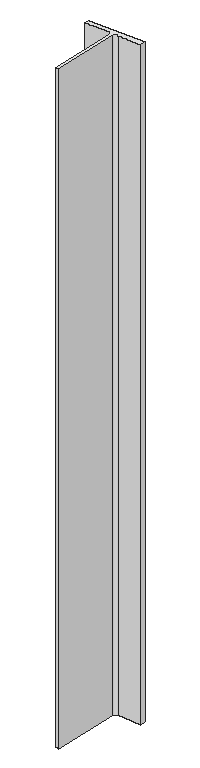
Revit family "M_WT Formas-Coluna", category Pilares estruturais, Revit 2019
Family settings
  Forma do corte = Flange paralelo dividido em I
  Material para o comportamento do modelo = Aço
  Exportar sempre como geometria = Não
  Redução da viga na planta = Da caixa de vinculação
  Family Name Key = M_WT Shapes-Column
  Nome do código = AISC 14.1
  Número OmniClass = 23.25.30.11.14.11
  Título OmniClass = Columns
  ID de item do Seek = WT-Shapes-Column-0000-CAN-ENU
  Corte com vazios quando carregada = Não
  Representação simbólica = Das configurações de projeto
  Compartilhado = Não
  Exibir o pré-corte da família na vista da planta = Sim
Parameters (values of type "WT305X62.5")
  Largura = 229.00 mm
  Espessura da teia = 11.90 mm
  Concordância da teia = 12.70 mm
  Constante da empena = 1850000000.0 mm6
  Momento de inércia de torção = 766000.00 mm4
  Structural Material [instance] = Aço, 45-345
  Section Name Key = ""
  Área de corte = 8000.0 mm²
  Eixo fraco do módulo plástico = 267000.0 mm³
  Eixo forte do módulo plástico = 533000.0 mm³
  Peso nominal = 62.50 kgf/m
  Eixo fraco do momento de inércia = 19600000.00 mm4
  Eixo forte do momento de inércia = 69100000.00 mm4
  Altura = 307.00 mm
  Espessura do flange = 19.60 mm
  Eixo fraco do módulo de elasticidade = 172000.0 mm³
  Eixo forte do módulo de elasticidade = 300000.0 mm³
  Centróide vertical = 231.60 mm
  Centróide horizontal = Largura / 2  # 114.50 mm
  Espaçamento do parafuso = 139.70 mm
  Assembly Code = ""
Reference planes
  plane 1: y = 0
  plane 2: z = 0
  plane 3: x = 0
  plane 4: y = 75.4
  plane 5: y = -231.6
  plane 6: x = -114.5
  plane 7: x = 114.5
  plane 8: x = -5.95
  plane 9: x = 5.95
  plane 10: y = 55.8
Forms (mm)
  Extrusion 1, solid, material "Aço, 45-345" <- "Structural Material", detail levels medium
    sketch origin (0, 0, 0) x (1, 0, 0) y (0, 1, 0)
      loop
        line (-114.5, 75.4) -> (-114.5, 55.8) -> (-5.95, 55.8) -> (-5.95, -231.6) -> (5.95, -231.6) -> (5.95, 55.8) -> (114.5, 55.8) -> (114.5, 75.4) -> (-114.5, 75.4)
    from 0 to 2500
  Extrusion 2, solid, material "Aço, 45-345" <- "Structural Material", detail levels fine
    sketch origin (0, 0, 0) x (1, 0, 0) y (0, 1, 0)
      loop
        line (114.5, 75.4) -> (-114.5, 75.4) -> (-114.5, 55.8) -> (-18.65, 55.8)
        arc (-18.65, 55.8) -> (-9.67, 52.08) -> (-5.95, 43.1) r 12.7
        line (-5.95, 43.1) -> (-5.95, -231.6) -> (5.95, -231.6) -> (5.95, 43.1)
        arc (5.95, 43.1) -> (9.67, 52.08) -> (18.65, 55.8) r 12.7
        line (18.65, 55.8) -> (114.5, 55.8) -> (114.5, 75.4)
    from 0 to 2500
Lines and regions (mm)
  symbolic lines, style "Faces ocultas", detail levels medium+fine
    curve 1: line (-5.95, 0, 0) -> (-5.95, 0, 2500)
    curve 2: line (5.95, 0, 2500) -> (5.95, 0, 0)
  symbolic lines, style "StructuralColumnStickSymbols", detail levels coarse
    curve 3: line (114.5, 75.4, 0) -> (-114.5, 75.4, 0)
    curve 4: line (0, 75.4, 0) -> (0, -231.6, 0)
Dimensions and locks
  "Altura": plane 5 to plane 4
  equal spacing: plane 6, plane 3, plane 7
  "Largura": plane 6 to plane 7
  equal spacing: plane 8, plane 3, plane 9
  "Espessura da teia": plane 8 to plane 9
  "Espessura do flange": plane 10 to plane 4
  "Centróide vertical": plane 5 to plane 1
  "Concordância da teia": radius of Extrusion 2 sketch curve  (x2)
  aligned and locked: level to plane 2
  aligned and locked: plane 8 to curve 1
  aligned and locked: plane 9 to curve 2
  aligned and locked: plane 2 to curve 1
  aligned and locked: plane 2 to curve 2
  aligned and locked: plane 4 to Extrusion 1 sketch curve
  aligned and locked: Extrusion 1 sketch curve to plane 10  (x2)
  aligned and locked: plane 7 to Extrusion 1 sketch curve
  aligned and locked: plane 6 to Extrusion 1 sketch curve
  aligned and locked: plane 9 to Extrusion 1 sketch curve
  aligned and locked: plane 8 to Extrusion 1 sketch curve
  aligned and locked: Extrusion 1 sketch curve to plane 5
  aligned and locked: Extrusion 2 sketch curve to Extrusion 1  (x6)
  aligned and locked: Extrusion 1 to Extrusion 2 sketch curve  (x2)
  aligned and locked: curve 3 to Extrusion 2
  aligned and locked: Extrusion 1 to curve 4
  aligned and locked: curve 4 to plane 3
  aligned and locked: level to Extrusion 2
  aligned and locked: level to Extrusion 1
  aligned and locked: Extrusion 1 to level
  aligned and locked: Extrusion 2 to level
  aligned and locked: level to curve 2
  aligned and locked: level to curve 1
Automatic sketch dimensions
  curve 3 to plane 6 = 0.00 mm
  curve 3 to plane 7 = 0.00 mm
Types in the file's own list only (272): name | Largura | Espessura da teia | Concordância da teia | Constante da empena | Momento de inércia de torção | Chave do nome do corte | Área de corte | Eixo fraco do módulo plástico | Eixo forte do módulo plástico | Peso nominal | Eixo fraco do momento de inércia | Eixo forte do momento de inércia | Altura | Espessura do flange | Eixo fraco do módulo de elasticidade | Eixo forte do módulo de elasticidade | Centróide vertical | Centróide horizontal | Espaçamento do parafuso
  WT550X249.5 | 404.00 mm | 26.20 mm | 20.00 mm | 118000000000.0 mm6 | 15500000.00 mm4 | WT22X167.5 | 31700.0 mm² | 1930000.0 mm³ | 3830000.0 mm³ | 250.00 kgf/m | 250000000.00 mm4 | 903000000.00 mm4 | 559.00 mm | 45.00 mm | 1230000.0 mm³ | 2150000.0 mm³ | 419.00 mm | 202.00 mm | 139.70 mm
  WT550X216.5 | 401.00 mm | 22.00 mm | 19.80 mm | 73800000000.0 mm6 | 10600000.00 mm4 | WT22X145 | 27500.0 mm² | 1670000.0 mm³ | 3210000.0 mm³ | 216.00 kgf/m | 217000000.00 mm4 | 762000000.00 mm4 | 554.00 mm | 40.10 mm | 1080000.0 mm³ | 1820000.0 mm³ | 420.00 mm | 200.50 mm | 139.70 mm
  WT550X195 | 401.00 mm | 19.90 mm | 19.80 mm | 53700000000.0 mm6 | 7740000.00 mm4 | WT22X131 | 24800.0 mm² | 1490000.0 mm³ | 2880000.0 mm³ | 195.00 kgf/m | 192000000.00 mm4 | 683000000.00 mm4 | 551.00 mm | 36.10 mm | 960000.0 mm³ | 1630000.0 mm³ | 419.00 mm | 200.50 mm | 139.70 mm
  WT550X171.5 | 401.00 mm | 18.00 mm | 20.10 mm | 37300000000.0 mm6 | 5160000.00 mm4 | WT22X115 | 21900.0 mm² | 1280000.0 mm³ | 2570000.0 mm³ | 172.00 kgf/m | 166000000.00 mm4 | 599000000.00 mm4 | 546.00 mm | 31.00 mm | 828000.0 mm³ | 1450000.0 mm³ | 415.00 mm | 200.50 mm | 139.70 mm
  WT500X441.5 | 424.00 mm | 45.50 mm | 30.00 mm | 628000000000.0 mm6 | 92000000.00 mm4 | WT20X296.5 | 56300.0 mm² | 3930000.0 mm³ | 6210000.0 mm³ | 442.00 kgf/m | 524000000.00 mm4 | 1380000000.00 mm4 | 546.00 mm | 82.00 mm | 2470000.0 mm³ | 3420000.0 mm³ | 402.00 mm | 212.00 mm | 190.50 mm
  WT500X374 | 417.00 mm | 39.10 mm | 29.90 mm | 376000000000.0 mm6 | 57400000.00 mm4 | WT20X251.5 | 47700.0 mm² | 3230000.0 mm³ | 5150000.0 mm³ | 374.00 kgf/m | 425000000.00 mm4 | 1140000000.00 mm4 | 533.00 mm | 70.10 mm | 2030000.0 mm³ | 2850000.0 mm³ | 396.00 mm | 208.50 mm | 190.50 mm
  WT500X321 | 411.00 mm | 34.00 mm | 30.00 mm | 237000000000.0 mm6 | 36700000.00 mm4 | WT20X215.5 | 40800.0 mm² | 2690000.0 mm³ | 4360000.0 mm³ | 321.00 kgf/m | 351000000.00 mm4 | 953000000.00 mm4 | 523.00 mm | 59.90 mm | 1700000.0 mm³ | 2430000.0 mm³ | 391.00 mm | 205.50 mm | 190.50 mm
  WT500X295.5 | 409.00 mm | 31.00 mm | 30.00 mm | 182000000000.0 mm6 | 29400000.00 mm4 | WT20X198.5 | 37600.0 mm² | 2460000.0 mm³ | 3930000.0 mm³ | 296.00 kgf/m | 321000000.00 mm4 | 862000000.00 mm4 | 521.00 mm | 55.90 mm | 1570000.0 mm³ | 2200000.0 mm³ | 393.00 mm | 204.50 mm | 190.50 mm
  WT500X277 | 409.00 mm | 29.50 mm | 29.90 mm | 150000000000.0 mm6 | 24000000.00 mm4 | WT20X186 | 35300.0 mm² | 2260000.0 mm³ | 3690000.0 mm³ | 277.00 kgf/m | 295000000.00 mm4 | 803000000.00 mm4 | 516.00 mm | 52.10 mm | 1450000.0 mm³ | 2060000.0 mm³ | 390.00 mm | 204.50 mm | 190.50 mm
  WT500X269.5 | 406.00 mm | 28.40 mm | 29.90 mm | 137000000000.0 mm6 | 22600000.00 mm4 | WT20X181 | 34300.0 mm² | 2210000.0 mm³ | 3560000.0 mm³ | 270.00 kgf/m | 288000000.00 mm4 | 778000000.00 mm4 | 516.00 mm | 51.10 mm | 1410000.0 mm³ | 2000000.0 mm³ | 391.00 mm | 203.00 mm | 190.50 mm
  WT500X241.5 | 404.00 mm | 25.40 mm | 29.90 mm | 97200000000.0 mm6 | 16500000.00 mm4 | WT20X162 | 30800.0 mm² | 1950000.0 mm³ | 3150000.0 mm³ | 242.00 kgf/m | 253000000.00 mm4 | 687000000.00 mm4 | 511.00 mm | 46.00 mm | 1260000.0 mm³ | 1770000.0 mm³ | 390.00 mm | 202.00 mm | 190.50 mm
  WT500X221.5 | 401.00 mm | 23.60 mm | 30.00 mm | 74900000000.0 mm6 | 12700000.00 mm4 | WT20X148.5 | 28100.0 mm² | 1750000.0 mm³ | 2880000.0 mm³ | 222.00 kgf/m | 227000000.00 mm4 | 624000000.00 mm4 | 505.00 mm | 41.90 mm | 1130000.0 mm³ | 1620000.0 mm³ | 385.00 mm | 200.50 mm | 190.50 mm
  WT500X206 | 401.00 mm | 21.10 mm | 30.00 mm | 58500000000.0 mm6 | 10700000.00 mm4 | WT20X138.5 | 26300.0 mm² | 1670000.0 mm³ | 2570000.0 mm³ | 206.00 kgf/m | 217000000.00 mm4 | 566000000.00 mm4 | 503.00 mm | 40.10 mm | 1080000.0 mm³ | 1450000.0 mm³ | 389.00 mm | 200.50 mm | 190.50 mm
  WT500X185.5 | 401.00 mm | 19.10 mm | 29.90 mm | 42400000000.0 mm6 | 7910000.00 mm4 | WT20X124.5 | 23700.0 mm² | 1490000.0 mm³ | 2290000.0 mm³ | 186.00 kgf/m | 193000000.00 mm4 | 504000000.00 mm4 | 500.00 mm | 36.10 mm | 964000.0 mm³ | 1300000.0 mm³ | 388.00 mm | 200.50 mm | 190.50 mm
  WT500X160.5 | 401.00 mm | 16.50 mm | 30.00 mm | 27100000000.0 mm6 | 5160000.00 mm4 | WT20X107.5 | 20500.0 mm² | 1270000.0 mm³ | 1970000.0 mm³ | 160.00 kgf/m | 166000000.00 mm4 | 429000000.00 mm4 | 495.00 mm | 31.00 mm | 828000.0 mm³ | 1110000.0 mm³ | 386.00 mm | 200.50 mm | 190.50 mm
  WT500X148 | 401.00 mm | 16.50 mm | 30.00 mm | 22400000000.0 mm6 | 3800000.00 mm4 | WT20X99.5 | 18800.0 mm² | 1120000.0 mm³ | 1920000.0 mm³ | 148.00 kgf/m | 144000000.00 mm4 | 411000000.00 mm4 | 490.00 mm | 27.20 mm | 723000.0 mm³ | 1090000.0 mm³ | 376.00 mm | 200.50 mm | 190.50 mm
  WT500X292 | 315.00 mm | 36.10 mm | 30.00 mm | 214000000000.0 mm6 | 35500000.00 mm4 | WT20X196 | 37300.0 mm² | 1740000.0 mm³ | 4510000.0 mm³ | 292.00 kgf/m | 167000000.00 mm4 | 945000000.00 mm4 | 528.00 mm | 64.00 mm | 1060000.0 mm³ | 2510000.0 mm³ | 377.00 mm | 157.50 mm | 190.50 mm
  WT500X247 | 310.00 mm | 31.00 mm | 30.00 mm | 130000000000.0 mm6 | 21900000.00 mm4 | WT20X165.5 | 31500.0 mm² | 1400000.0 mm³ | 3790000.0 mm³ | 247.00 kgf/m | 134000000.00 mm4 | 783000000.00 mm4 | 518.00 mm | 54.10 mm | 867000.0 mm³ | 2100000.0 mm³ | 372.00 mm | 155.00 mm | 190.50 mm
  WT500X243 | 307.00 mm | 30.00 mm | 30.00 mm | 121000000000.0 mm6 | 21400000.00 mm4 | WT20X163.5 | 30900.0 mm² | 1390000.0 mm³ | 3670000.0 mm³ | 243.00 kgf/m | 133000000.00 mm4 | 766000000.00 mm4 | 518.00 mm | 54.10 mm | 864000.0 mm³ | 2050000.0 mm³ | 374.00 mm | 153.50 mm | 190.50 mm
  WT500X219 | 305.00 mm | 26.90 mm | 30.00 mm | 86500000000.0 mm6 | 15900000.00 mm4 | WT20X147 | 27800.0 mm² | 1230000.0 mm³ | 3260000.0 mm³ | 219.00 kgf/m | 117000000.00 mm4 | 678000000.00 mm4 | 513.00 mm | 49.00 mm | 765000.0 mm³ | 1820000.0 mm³ | 373.00 mm | 152.50 mm | 190.50 mm
  WT500X207.5 | 305.00 mm | 26.20 mm | 29.90 mm | 75700000000.0 mm6 | 13500000.00 mm4 | WT20X139 | 26500.0 mm² | 1150000.0 mm³ | 3130000.0 mm³ | 208.00 kgf/m | 109000000.00 mm4 | 645000000.00 mm4 | 511.00 mm | 46.00 mm | 713000.0 mm³ | 1740000.0 mm³ | 371.00 mm | 152.50 mm | 190.50 mm
  WT500X196.5 | 302.00 mm | 24.40 mm | 30.00 mm | 62600000000.0 mm6 | 11600000.00 mm4 | WT20X132 | 25000.0 mm² | 1080000.0 mm³ | 2920000.0 mm³ | 196.00 kgf/m | 102000000.00 mm4 | 604000000.00 mm4 | 508.00 mm | 43.90 mm | 677000.0 mm³ | 1630000.0 mm³ | 371.00 mm | 151.00 mm | 190.50 mm
  WT500X175 | 302.00 mm | 21.10 mm | 30.00 mm | 41900000000.0 mm6 | 8570000.00 mm4 | WT20X117.5 | 22300.0 mm² | 967000.0 mm³ | 2510000.0 mm³ | 175.00 kgf/m | 92400000.00 mm4 | 524000000.00 mm4 | 503.00 mm | 40.10 mm | 611000.0 mm³ | 1400000.0 mm³ | 372.00 mm | 151.00 mm | 190.50 mm
  WT500X157 | 300.00 mm | 19.10 mm | 29.90 mm | 30300000000.0 mm6 | 6330000.00 mm4 | WT20X105.5 | 20100.0 mm² | 854000.0 mm³ | 2250000.0 mm³ | 157.00 kgf/m | 81200000.00 mm4 | 466000000.00 mm4 | 500.00 mm | 36.10 mm | 541000.0 mm³ | 1260000.0 mm³ | 371.00 mm | 150.00 mm | 190.50 mm
  WT500X136 | 300.00 mm | 16.50 mm | 30.00 mm | 19100000000.0 mm6 | 4020000.00 mm4 | WT20X91.5 | 17200.0 mm² | 721000.0 mm³ | 1920000.0 mm³ | 136.00 kgf/m | 68700000.00 mm4 | 398000000.00 mm4 | 495.00 mm | 30.50 mm | 459000.0 mm³ | 1080000.0 mm³ | 369.00 mm | 150.00 mm | 190.50 mm
  WT500X124.5 | 300.00 mm | 16.50 mm | 29.90 mm | 16900000000.0 mm6 | 2910000.00 mm4 | WT20X83.5 | 15800.0 mm² | 619000.0 mm³ | 1880000.0 mm³ | 125.00 kgf/m | 58700000.00 mm4 | 374000000.00 mm4 | 490.00 mm | 26.20 mm | 392000.0 mm³ | 1040000.0 mm³ | 358.00 mm | 150.00 mm | 190.50 mm
  WT500X111 | 300.00 mm | 16.00 mm | 30.00 mm | 13900000000.0 mm6 | 1940000.00 mm4 | WT20X74.5 | 14100.0 mm² | 506000.0 mm³ | 1770000.0 mm³ | 111.00 kgf/m | 47500000.00 mm4 | 339000000.00 mm4 | 485.00 mm | 21.10 mm | 318000.0 mm³ | 978000.0 mm³ | 347.00 mm | 150.00 mm | 190.50 mm
  WT460X485 | 447.00 mm | 50.00 mm | 24.10 mm | 824000000000.0 mm6 | 123000000.00 mm4 | WT18X326 | 62100.0 mm² | 4750000.0 mm³ | 6280000.0 mm³ | 485.00 kgf/m | 670000000.00 mm4 | 1320000000.00 mm4 | 521.00 mm | 89.90 mm | 3020000.0 mm³ | 3410000.0 mm³ | 385.00 mm | 223.50 mm | 190.50 mm
  WT460X393.5 | 437.00 mm | 40.90 mm | 24.10 mm | 430000000000.0 mm6 | 67800000.00 mm4 | WT18X264.5 | 50200.0 mm² | 3720000.0 mm³ | 4880000.0 mm³ | 394.00 kgf/m | 516000000.00 mm4 | 1020000000.00 mm4 | 505.00 mm | 73.90 mm | 2380000.0 mm³ | 2690000.0 mm³ | 379.00 mm | 218.50 mm | 190.50 mm
  WT460X362.5 | 434.00 mm | 38.10 mm | 24.10 mm | 336000000000.0 mm6 | 53300000.00 mm4 | WT18X243.5 | 46300.0 mm² | 3380000.0 mm³ | 4460000.0 mm³ | 362.00 kgf/m | 466000000.00 mm4 | 924000000.00 mm4 | 500.00 mm | 68.10 mm | 2150000.0 mm³ | 2460000.0 mm³ | 377.00 mm | 217.00 mm | 190.50 mm
  WT460X328 | 432.00 mm | 34.50 mm | 24.10 mm | 245000000000.0 mm6 | 40200000.00 mm4 | WT18X220.5 | 41900.0 mm² | 3020000.0 mm³ | 3970000.0 mm³ | 328.00 kgf/m | 415000000.00 mm4 | 824000000.00 mm4 | 493.00 mm | 62.00 mm | 1920000.0 mm³ | 2200000.0 mm³ | 374.00 mm | 216.00 mm | 190.50 mm
  WT460X294 | 427.00 mm | 31.00 mm | 24.10 mm | 175000000000.0 mm6 | 29400000.00 mm4 | WT18X197.5 | 37500.0 mm² | 2650000.0 mm³ | 3490000.0 mm³ | 294.00 kgf/m | 365000000.00 mm4 | 724000000.00 mm4 | 488.00 mm | 55.90 mm | 1700000.0 mm³ | 1950000.0 mm³ | 373.00 mm | 213.50 mm | 190.50 mm
  WT460X268.5 | 424.00 mm | 28.40 mm | 24.10 mm | 132000000000.0 mm6 | 22500000.00 mm4 | WT18X180.5 | 34200.0 mm² | 2390000.0 mm³ | 3150000.0 mm³ | 268.00 kgf/m | 327000000.00 mm4 | 653000000.00 mm4 | 483.00 mm | 51.10 mm | 1540000.0 mm³ | 1750000.0 mm³ | 371.00 mm | 212.00 mm | 190.50 mm
  WT460X245.5 | 422.00 mm | 25.90 mm | 24.10 mm | 99900000000.0 mm6 | 17500000.00 mm4 | WT18X165 | 31200.0 mm² | 2160000.0 mm³ | 2830000.0 mm³ | 246.00 kgf/m | 296000000.00 mm4 | 587000000.00 mm4 | 478.00 mm | 47.00 mm | 1400000.0 mm³ | 1590000.0 mm³ | 369.00 mm | 211.00 mm | 190.50 mm
  WT460X224.5 | 424.00 mm | 24.00 mm | 24.10 mm | 76500000000.0 mm6 | 13400000.00 mm4 | WT18X151 | 28700.0 mm² | 1970000.0 mm³ | 2590000.0 mm³ | 224.00 kgf/m | 270000000.00 mm4 | 533000000.00 mm4 | 475.00 mm | 42.70 mm | 1270000.0 mm³ | 1460000.0 mm³ | 368.00 mm | 212.00 mm | 190.50 mm
  WT460X210 | 422.00 mm | 22.50 mm | 24.10 mm | 62000000000.0 mm6 | 10900000.00 mm4 | WT18X141 | 26800.0 mm² | 1840000.0 mm³ | 2390000.0 mm³ | 210.00 kgf/m | 249000000.00 mm4 | 495000000.00 mm4 | 472.00 mm | 39.90 mm | 1180000.0 mm³ | 1350000.0 mm³ | 366.00 mm | 211.00 mm | 190.50 mm
  WT460X195 | 422.00 mm | 21.30 mm | 24.10 mm | 49700000000.0 mm6 | 8660000.00 mm4 | WT18X131 | 24800.0 mm² | 1670000.0 mm³ | 2250000.0 mm³ | 195.00 kgf/m | 227000000.00 mm4 | 462000000.00 mm4 | 467.00 mm | 36.60 mm | 1080000.0 mm³ | 1270000.0 mm³ | 362.00 mm | 211.00 mm | 190.50 mm
  WT460X184 | 419.00 mm | 20.30 mm | 24.10 mm | 41600000000.0 mm6 | 7200000.00 mm4 | WT18X123.5 | 23400.0 mm² | 1550000.0 mm³ | 2110000.0 mm³ | 184.00 kgf/m | 211000000.00 mm4 | 433000000.00 mm4 | 465.00 mm | 34.30 mm | 1010000.0 mm³ | 1200000.0 mm³ | 360.00 mm | 209.50 mm | 190.50 mm
  WT460X171.9 | 419.00 mm | 19.30 mm | 24.10 mm | 34600000000.0 mm6 | 5950000.00 mm4 | WT18X115.5 | 22000.0 mm² | 1440000.0 mm³ | 2000000.0 mm³ | 172.00 kgf/m | 196000000.00 mm4 | 407000000.00 mm4 | 464.00 mm | 32.00 mm | 934000.0 mm³ | 1130000.0 mm³ | 360.00 mm | 209.50 mm | 190.50 mm
  WT460X190.5 | 310.00 mm | 24.40 mm | 19.10 mm | 55000000000.0 mm6 | 11000000.00 mm4 | WT18X128 | 24300.0 mm² | 1120000.0 mm³ | 2560000.0 mm³ | 190.00 kgf/m | 110000000.00 mm4 | 504000000.00 mm4 | 475.00 mm | 43.90 mm | 708000.0 mm³ | 1430000.0 mm³ | 350.00 mm | 155.00 mm | 139.70 mm
  WT460X172.5 | 307.00 mm | 22.10 mm | 19.00 mm | 40500000000.0 mm6 | 8200000.00 mm4 | WT18X116 | 21900.0 mm² | 998000.0 mm³ | 2290000.0 mm³ | 172.00 kgf/m | 97400000.00 mm4 | 450000000.00 mm4 | 472.00 mm | 39.90 mm | 633000.0 mm³ | 1290000.0 mm³ | 350.00 mm | 153.50 mm | 139.70 mm
  WT460X156.5 | 310.00 mm | 21.10 mm | 19.10 mm | 32000000000.0 mm6 | 5790000.00 mm4 | WT18X105 | 19900.0 mm² | 875000.0 mm³ | 2150000.0 mm³ | 156.00 kgf/m | 85700000.00 mm4 | 410000000.00 mm4 | 465.00 mm | 34.50 mm | 554000.0 mm³ | 1200000.0 mm³ | 341.00 mm | 155.00 mm | 139.70 mm
  WT460X144.5 | 307.00 mm | 19.40 mm | 19.10 mm | 24900000000.0 mm6 | 4620000.00 mm4 | WT18X97 | 18400.0 mm² | 800000.0 mm³ | 1970000.0 mm³ | 144.00 kgf/m | 77800000.00 mm4 | 375000000.00 mm4 | 462.00 mm | 32.00 mm | 506000.0 mm³ | 1100000.0 mm³ | 340.00 mm | 153.50 mm | 139.70 mm
  WT460X135.5 | 307.00 mm | 18.40 mm | 19.00 mm | 20800000000.0 mm6 | 3830000.00 mm4 | WT18X91 | 17300.0 mm² | 742000.0 mm³ | 1850000.0 mm³ | 136.00 kgf/m | 72400000.00 mm4 | 352000000.00 mm4 | 462.00 mm | 30.00 mm | 472000.0 mm³ | 1030000.0 mm³ | 341.00 mm | 153.50 mm | 139.70 mm
  WT460X126.5 | 305.00 mm | 17.30 mm | 19.10 mm | 17000000000.0 mm6 | 3130000.00 mm4 | WT18X85 | 16100.0 mm² | 685000.0 mm³ | 1720000.0 mm³ | 126.00 kgf/m | 66600000.00 mm4 | 327000000.00 mm4 | 460.00 mm | 27.90 mm | 436000.0 mm³ | 965000.0 mm³ | 340.00 mm | 152.50 mm | 139.70 mm
  WT460X119 | 305.00 mm | 16.50 mm | 19.10 mm | 14400000000.0 mm6 | 2570000.00 mm4 | WT18X80 | 15200.0 mm² | 633000.0 mm³ | 1640000.0 mm³ | 119.00 kgf/m | 61200000.00 mm4 | 308000000.00 mm4 | 457.00 mm | 25.90 mm | 403000.0 mm³ | 914000.0 mm³ | 337.00 mm | 152.50 mm | 139.70 mm
  WT460X111.5 | 305.00 mm | 15.90 mm | 19.00 mm | 12400000000.0 mm6 | 2100000.00 mm4 | WT18X75 | 14300.0 mm² | 580000.0 mm³ | 1560000.0 mm³ | 112.00 kgf/m | 56200000.00 mm4 | 291000000.00 mm4 | 455.00 mm | 23.90 mm | 369000.0 mm³ | 870000.0 mm³ | 334.00 mm | 152.50 mm | 139.70 mm
  WT460X100.5 | 305.00 mm | 15.20 mm | 19.00 mm | 10000000000.0 mm6 | 1450000.00 mm4 | WT18X67.5 | 12800.0 mm² | 488000.0 mm³ | 1480000.0 mm³ | 100.00 kgf/m | 47000000.00 mm4 | 265000000.00 mm4 | 452.00 mm | 20.10 mm | 310000.0 mm³ | 814000.0 mm³ | 326.00 mm | 152.50 mm | 139.70 mm
  WT420X288 | 411.00 mm | 32.00 mm | 20.10 mm | 165000000000.0 mm6 | 30800000.00 mm4 | WT16.5X193.5 | 36800.0 mm² | 2560000.0 mm³ | 3160000.0 mm³ | 288.00 kgf/m | 337000000.00 mm4 | 608000000.00 mm4 | 457.00 mm | 57.90 mm | 1640000.0 mm³ | 1750000.0 mm³ | 349.00 mm | 205.50 mm | 139.70 mm
  WT420X263.5 | 409.00 mm | 29.50 mm | 20.10 mm | 126000000000.0 mm6 | 23800000.00 mm4 | WT16.5X177 | 33600.0 mm² | 2310000.0 mm³ | 2850000.0 mm³ | 264.00 kgf/m | 303000000.00 mm4 | 549000000.00 mm4 | 452.00 mm | 53.10 mm | 1480000.0 mm³ | 1590000.0 mm³ | 347.00 mm | 204.50 mm | 139.70 mm
  WT420X236.5 | 406.00 mm | 26.40 mm | 20.10 mm | 90000000000.0 mm6 | 17500000.00 mm4 | WT16.5X159 | 30200.0 mm² | 2050000.0 mm³ | 2520000.0 mm³ | 237.00 kgf/m | 268000000.00 mm4 | 483000000.00 mm4 | 447.00 mm | 48.00 mm | 1320000.0 mm³ | 1410000.0 mm³ | 345.00 mm | 203.00 mm | 139.70 mm
  WT420X216.5 | 404.00 mm | 24.40 mm | 20.10 mm | 68700000000.0 mm6 | 13500000.00 mm4 | WT16.5X145.5 | 27600.0 mm² | 1850000.0 mm³ | 2290000.0 mm³ | 216.00 kgf/m | 242000000.00 mm4 | 441000000.00 mm4 | 442.00 mm | 43.90 mm | 1200000.0 mm³ | 1280000.0 mm³ | 342.20 mm | 202.00 mm | 139.70 mm
  WT420X196 | 401.00 mm | 22.10 mm | 20.00 mm | 50500000000.0 mm6 | 10100000.00 mm4 | WT16.5X131.5 | 25000.0 mm² | 1660000.0 mm³ | 2050000.0 mm³ | 196.00 kgf/m | 215000000.00 mm4 | 393000000.00 mm4 | 439.00 mm | 39.90 mm | 1070000.0 mm³ | 1150000.0 mm³ | 341.70 mm | 200.50 mm | 139.70 mm
  WT420X179.5 | 404.00 mm | 21.10 mm | 20.00 mm | 39200000000.0 mm6 | 7490000.00 mm4 | WT16.5X120.5 | 23000.0 mm² | 1490000.0 mm³ | 1900000.0 mm³ | 180.00 kgf/m | 194000000.00 mm4 | 363000000.00 mm4 | 434.00 mm | 35.60 mm | 964000.0 mm³ | 1080000.0 mm³ | 336.50 mm | 202.00 mm | 139.70 mm
  WT420X164.5 | 401.00 mm | 19.70 mm | 19.80 mm | 30300000000.0 mm6 | 5790000.00 mm4 | WT16.5X110.5 | 21000.0 mm² | 1350000.0 mm³ | 1750000.0 mm³ | 164.00 kgf/m | 175000000.00 mm4 | 333000000.00 mm4 | 432.00 mm | 32.50 mm | 872000.0 mm³ | 996000.0 mm³ | 335.20 mm | 200.50 mm | 139.70 mm
  WT420X149.5 | 399.00 mm | 18.20 mm | 20.10 mm | 22800000000.0 mm6 | 4330000.00 mm4 | WT16.5X100.5 | 19200.0 mm² | 1200000.0 mm³ | 1600000.0 mm³ | 150.00 kgf/m | 156000000.00 mm4 | 302000000.00 mm4 | 427.00 mm | 29.20 mm | 780000.0 mm³ | 909000.0 mm³ | 331.20 mm | 199.50 mm | 139.70 mm
  WT420X125.5 | 292.00 mm | 17.00 mm | 17.80 mm | 14900000000.0 mm6 | 3670000.00 mm4 | WT16.5X84.5 | 15900.0 mm² | 690000.0 mm³ | 1490000.0 mm³ | 125.00 kgf/m | 64500000.00 mm4 | 270000000.00 mm4 | 429.00 mm | 31.00 mm | 442000.0 mm³ | 837000.0 mm³ | 322.00 mm | 146.00 mm | 139.70 mm
  WT420X113 | 295.00 mm | 16.10 mm | 17.80 mm | 11500000000.0 mm6 | 2560000.00 mm4 | WT16.5X76 | 14500.0 mm² | 605000.0 mm³ | 1380000.0 mm³ | 113.00 kgf/m | 56600000.00 mm4 | 246000000.00 mm4 | 424.00 mm | 26.90 mm | 387000.0 mm³ | 777000.0 mm³ | 316.00 mm | 147.50 mm | 139.70 mm
  WT420X105 | 292.00 mm | 15.40 mm | 17.80 mm | 9510000000.0 mm6 | 2010000.00 mm4 | WT16.5X70.5 | 13400.0 mm² | 547000.0 mm³ | 1310000.0 mm³ | 105.00 kgf/m | 51200000.00 mm4 | 230000000.00 mm4 | 424.00 mm | 24.40 mm | 349000.0 mm³ | 733000.0 mm³ | 315.00 mm | 146.00 mm | 139.70 mm
  WT420X96.5 | 292.00 mm | 14.70 mm | 17.90 mm | 7870000000.0 mm6 | 1530000.00 mm4 | WT16.5X65 | 12300.0 mm² | 487000.0 mm³ | 1240000.0 mm³ | 96.50 kgf/m | 45400000.00 mm4 | 214000000.00 mm4 | 419.00 mm | 21.70 mm | 310000.0 mm³ | 690000.0 mm³ | 308.00 mm | 146.00 mm | 139.70 mm
  WT420X88 | 292.00 mm | 14.00 mm | 17.80 mm | 6280000000.0 mm6 | 1100000.00 mm4 | WT16.5X59 | 11200.0 mm² | 420000.0 mm³ | 1160000.0 mm³ | 88.00 kgf/m | 38900000.00 mm4 | 195000000.00 mm4 | 417.00 mm | 18.80 mm | 267000.0 mm³ | 642000.0 mm³ | 303.00 mm | 146.00 mm | 139.70 mm
  WT380X291 | 396.00 mm | 34.50 mm | 20.00 mm | 171000000000.0 mm6 | 35900000.00 mm4 | WT15X195.5 | 37200.0 mm² | 2540000.0 mm³ | 2900000.0 mm³ | 291.00 kgf/m | 322000000.00 mm4 | 508000000.00 mm4 | 422.00 mm | 62.00 mm | 1630000.0 mm³ | 1590000.0 mm³ | 320.00 mm | 198.00 mm | 139.70 mm
  WT380X265.5 | 394.00 mm | 31.50 mm | 20.10 mm | 128000000000.0 mm6 | 27700000.00 mm4 | WT15X178.5 | 33900.0 mm² | 2290000.0 mm³ | 2610000.0 mm³ | 266.00 kgf/m | 288000000.00 mm4 | 454000000.00 mm4 | 417.00 mm | 56.90 mm | 1470000.0 mm³ | 1430000.0 mm³ | 318.70 mm | 197.00 mm | 139.70 mm
  WT380X242 | 391.00 mm | 29.00 mm | 20.00 mm | 96900000000.0 mm6 | 21300000.00 mm4 | WT15X163 | 31000.0 mm² | 2060000.0 mm³ | 2340000.0 mm³ | 242.00 kgf/m | 259000000.00 mm4 | 408000000.00 mm4 | 411.00 mm | 52.10 mm | 1330000.0 mm³ | 1290000.0 mm³ | 315.50 mm | 195.50 mm | 139.70 mm
  WT380X217 | 389.00 mm | 25.90 mm | 20.10 mm | 69000000000.0 mm6 | 15600000.00 mm4 | WT15X146 | 27700.0 mm² | 1820000.0 mm³ | 2050000.0 mm³ | 217.00 kgf/m | 229000000.00 mm4 | 358000000.00 mm4 | 406.00 mm | 47.00 mm | 1180000.0 mm³ | 1140000.0 mm³ | 314.10 mm | 194.50 mm | 139.70 mm
  WT380X194.5 | 386.00 mm | 23.60 mm | 20.10 mm | 49400000000.0 mm6 | 11200000.00 mm4 | WT15X130.5 | 24800.0 mm² | 1600000.0 mm³ | 1840000.0 mm³ | 194.00 kgf/m | 200000000.00 mm4 | 318000000.00 mm4 | 401.00 mm | 41.90 mm | 1040000.0 mm³ | 1020000.0 mm³ | 311.10 mm | 193.00 mm | 139.70 mm
  WT380X175 | 384.00 mm | 21.10 mm | 20.10 mm | 35700000000.0 mm6 | 8370000.00 mm4 | WT15X117.5 | 22400.0 mm² | 1430000.0 mm³ | 1610000.0 mm³ | 175.00 kgf/m | 178000000.00 mm4 | 281000000.00 mm4 | 399.00 mm | 38.10 mm | 931000.0 mm³ | 903000.0 mm³ | 312.40 mm | 192.00 mm | 139.70 mm
  WT380X157 | 384.00 mm | 19.70 mm | 19.80 mm | 25900000000.0 mm6 | 5870000.00 mm4 | WT15X105.5 | 20100.0 mm² | 1270000.0 mm³ | 1470000.0 mm³ | 157.00 kgf/m | 157000000.00 mm4 | 254000000.00 mm4 | 394.00 mm | 33.50 mm | 821000.0 mm³ | 828000.0 mm³ | 307.90 mm | 192.00 mm | 139.70 mm
  WT380X142 | 381.00 mm | 18.00 mm | 19.80 mm | 19100000000.0 mm6 | 4370000.00 mm4 | WT15X95.5 | 18100.0 mm² | 1130000.0 mm³ | 1320000.0 mm³ | 142.00 kgf/m | 140000000.00 mm4 | 229000000.00 mm4 | 389.00 mm | 30.20 mm | 733000.0 mm³ | 749000.0 mm³ | 304.20 mm | 190.50 mm | 139.70 mm
  WT380X128.5 | 381.00 mm | 16.60 mm | 19.80 mm | 14200000000.0 mm6 | 3240000.00 mm4 | WT15X86.5 | 16400.0 mm² | 1010000.0 mm³ | 1200000.0 mm³ | 128.00 kgf/m | 124000000.00 mm4 | 207000000.00 mm4 | 386.00 mm | 27.20 mm | 654000.0 mm³ | 683000.0 mm³ | 301.90 mm | 190.50 mm | 139.70 mm
  WT380X110 | 267.00 mm | 16.50 mm | 16.50 mm | 10100000000.0 mm6 | 3010000.00 mm4 | WT15X74 | 14100.0 mm² | 556000.0 mm³ | 1180000.0 mm³ | 110.00 kgf/m | 47500000.00 mm4 | 194000000.00 mm4 | 389.00 mm | 30.00 mm | 356000.0 mm³ | 665000.0 mm³ | 291.50 mm | 133.50 mm | 139.70 mm
  WT380X98 | 267.00 mm | 15.60 mm | 16.50 mm | 7650000000.0 mm6 | 2020000.00 mm4 | WT15X66 | 12600.0 mm² | 479000.0 mm³ | 1090000.0 mm³ | 98.00 kgf/m | 40800000.00 mm4 | 175000000.00 mm4 | 386.00 mm | 25.40 mm | 305000.0 mm³ | 613000.0 mm³ | 286.90 mm | 133.50 mm | 139.70 mm
  WT380X92.5 | 267.00 mm | 14.90 mm | 16.50 mm | 6420000000.0 mm6 | 1660000.00 mm4 | WT15X62 | 11700.0 mm² | 442000.0 mm³ | 1030000.0 mm³ | 92.50 kgf/m | 37600000.00 mm4 | 165000000.00 mm4 | 384.00 mm | 23.60 mm | 282000.0 mm³ | 578000.0 mm³ | 284.90 mm | 133.50 mm | 139.70 mm
  WT380X86.5 | 267.00 mm | 14.40 mm | 16.50 mm | 5500000000.0 mm6 | 1340000.00 mm4 | WT15X58 | 11000.0 mm² | 403000.0 mm³ | 990000.0 mm³ | 86.50 kgf/m | 34200000.00 mm4 | 155000000.00 mm4 | 381.00 mm | 21.60 mm | 256000.0 mm³ | 552000.0 mm³ | 281.00 mm | 133.50 mm | 139.70 mm
  WT380X80.5 | 267.00 mm | 13.80 mm | 16.50 mm | 4650000000.0 mm6 | 1040000.00 mm4 | WT15X54 | 10300.0 mm² | 359000.0 mm³ | 946000.0 mm³ | 80.50 kgf/m | 30400000.00 mm4 | 145000000.00 mm4 | 378.00 mm | 19.30 mm | 228000.0 mm³ | 524000.0 mm³ | 276.00 mm | 133.50 mm | 139.70 mm
  WT380X73.5 | 267.00 mm | 13.20 mm | 16.50 mm | 3840000000.0 mm6 | 783000.00 mm4 | WT15X49.5 | 9350.0 mm² | 316000.0 mm³ | 891000.0 mm³ | 73.50 kgf/m | 26600000.00 mm4 | 134000000.00 mm4 | 376.00 mm | 17.00 mm | 200000.0 mm³ | 492000.0 mm³ | 272.00 mm | 133.50 mm | 139.70 mm
  WT380X67 | 264.00 mm | 11.90 mm | 16.50 mm | 2820000000.0 mm6 | 587000.00 mm4 | WT15X45 | 8520.0 mm² | 283000.0 mm³ | 803000.0 mm³ | 67.00 kgf/m | 23900000.00 mm4 | 121000000.00 mm4 | 376.00 mm | 15.50 mm | 180000.0 mm³ | 444000.0 mm³ | 273.00 mm | 132.00 mm | 139.70 mm
  WT345X401 | 389.00 mm | 50.00 mm | 20.10 mm | 467000000000.0 mm6 | 103000000.00 mm4 | WT13.5X269.5 | 51200.0 mm² | 3570000.0 mm³ | 3970000.0 mm³ | 401.00 kgf/m | 441000000.00 mm4 | 637000000.00 mm4 | 414.00 mm | 89.90 mm | 2260000.0 mm³ | 2100000.0 mm³ | 304.00 mm | 194.50 mm | 139.70 mm
  WT345X274 | 373.00 mm | 35.10 mm | 20.10 mm | 143000000000.0 mm6 | 35200000.00 mm4 | WT13.5X184 | 35000.0 mm² | 2290000.0 mm³ | 2470000.0 mm³ | 274.00 kgf/m | 273000000.00 mm4 | 391000000.00 mm4 | 386.00 mm | 63.00 mm | 1460000.0 mm³ | 1340000.0 mm³ | 291.80 mm | 186.50 mm | 139.70 mm
  WT345X250 | 371.00 mm | 32.00 mm | 20.10 mm | 108000000000.0 mm6 | 27200000.00 mm4 | WT13.5X168 | 31900.0 mm² | 2060000.0 mm³ | 2210000.0 mm³ | 250.00 kgf/m | 244000000.00 mm4 | 349000000.00 mm4 | 381.00 mm | 57.90 mm | 1320000.0 mm³ | 1200000.0 mm³ | 290.10 mm | 185.50 mm | 139.70 mm
  WT345X228.5 | 366.00 mm | 29.50 mm | 20.10 mm | 81600000000.0 mm6 | 21000000.00 mm4 | WT13.5X153.5 | 29200.0 mm² | 1850000.0 mm³ | 1980000.0 mm³ | 228.00 kgf/m | 219000000.00 mm4 | 313000000.00 mm4 | 376.00 mm | 53.10 mm | 1190000.0 mm³ | 1090000.0 mm³ | 287.90 mm | 183.00 mm | 139.70 mm
  WT345X209.5 | 366.00 mm | 26.90 mm | 20.10 mm | 62300000000.0 mm6 | 16500000.00 mm4 | WT13.5X140.5 | 26800.0 mm² | 1690000.0 mm³ | 1790000.0 mm³ | 210.00 kgf/m | 199000000.00 mm4 | 282000000.00 mm4 | 371.00 mm | 49.00 mm | 1090000.0 mm³ | 982000.0 mm³ | 285.90 mm | 183.00 mm | 139.70 mm
  WT345X192 | 363.00 mm | 24.90 mm | 20.00 mm | 47800000000.0 mm6 | 12800000.00 mm4 | WT13.5X129 | 24600.0 mm² | 1530000.0 mm³ | 1620000.0 mm³ | 192.00 kgf/m | 179000000.00 mm4 | 255000000.00 mm4 | 368.00 mm | 45.00 mm | 987000.0 mm³ | 896000.0 mm³ | 284.90 mm | 181.50 mm | 139.70 mm
  WT345X175 | 361.00 mm | 23.10 mm | 20.10 mm | 36300000000.0 mm6 | 9740000.00 mm4 | WT13.5X117.5 | 22400.0 mm² | 1370000.0 mm³ | 1470000.0 mm³ | 175.00 kgf/m | 160000000.00 mm4 | 231000000.00 mm4 | 363.00 mm | 40.90 mm | 888000.0 mm³ | 819000.0 mm³ | 281.70 mm | 180.50 mm | 139.70 mm
  WT345X161.5 | 358.00 mm | 21.10 mm | 20.10 mm | 28200000000.0 mm6 | 7830000.00 mm4 | WT13.5X108.5 | 20600.0 mm² | 1260000.0 mm³ | 1330000.0 mm³ | 162.00 kgf/m | 147000000.00 mm4 | 209000000.00 mm4 | 361.00 mm | 38.10 mm | 818000.0 mm³ | 741000.0 mm³ | 282.30 mm | 179.00 mm | 139.70 mm
  WT345X144.5 | 356.00 mm | 19.10 mm | 20.10 mm | 20000000000.0 mm6 | 5620000.00 mm4 | WT13.5X97 | 18500.0 mm² | 1110000.0 mm³ | 1180000.0 mm³ | 145.00 kgf/m | 129000000.00 mm4 | 185000000.00 mm4 | 358.00 mm | 34.00 mm | 723000.0 mm³ | 660000.0 mm³ | 281.30 mm | 178.00 mm | 139.70 mm
  WT345X132.5 | 358.00 mm | 18.40 mm | 20.10 mm | 15500000000.0 mm6 | 4160000.00 mm4 | WT13.5X89 | 17000.0 mm² | 996000.0 mm³ | 1110000.0 mm³ | 132.00 kgf/m | 116000000.00 mm4 | 172000000.00 mm4 | 353.00 mm | 30.20 mm | 646000.0 mm³ | 626000.0 mm³ | 275.80 mm | 179.00 mm | 139.70 mm
  WT345X120 | 356.00 mm | 16.80 mm | 20.10 mm | 11500000000.0 mm6 | 3130000.00 mm4 | WT13.5X80.5 | 15400.0 mm² | 893000.0 mm³ | 996000.0 mm³ | 120.00 kgf/m | 103000000.00 mm4 | 155000000.00 mm4 | 351.00 mm | 27.40 mm | 580000.0 mm³ | 564000.0 mm³ | 275.30 mm | 178.00 mm | 139.70 mm
  WT345X108.5 | 356.00 mm | 15.40 mm | 19.90 mm | 8510000000.0 mm6 | 2340000.00 mm4 | WT13.5X73 | 13900.0 mm² | 800000.0 mm³ | 901000.0 mm³ | 108.00 kgf/m | 92400000.00 mm4 | 140000000.00 mm4 | 348.00 mm | 24.80 mm | 519000.0 mm³ | 511000.0 mm³ | 273.30 mm | 178.00 mm | 139.70 mm
  WT345X96 | 254.00 mm | 15.50 mm | 15.30 mm | 6440000000.0 mm6 | 2310000.00 mm4 | WT13.5X64.5 | 12200.0 mm² | 472000.0 mm³ | 903000.0 mm³ | 96.00 kgf/m | 38400000.00 mm4 | 134000000.00 mm4 | 351.00 mm | 27.90 mm | 302000.0 mm³ | 508000.0 mm³ | 264.90 mm | 127.00 mm | 139.70 mm
  WT345X85 | 257.00 mm | 14.50 mm | 15.30 mm | 4700000000.0 mm6 | 1520000.00 mm4 | WT13.5X57 | 10800.0 mm² | 403000.0 mm³ | 826000.0 mm³ | 85.00 kgf/m | 33000000.00 mm4 | 120000000.00 mm4 | 345.00 mm | 23.60 mm | 259000.0 mm³ | 464000.0 mm³ | 258.10 mm | 128.50 mm | 139.70 mm
  WT345X76 | 254.00 mm | 13.10 mm | 15.20 mm | 3380000000.0 mm6 | 1090000.00 mm4 | WT13.5X51 | 9680.0 mm² | 356000.0 mm³ | 737000.0 mm³ | 76.00 kgf/m | 29000000.00 mm4 | 107000000.00 mm4 | 343.00 mm | 21.10 mm | 228000.0 mm³ | 415000.0 mm³ | 257.40 mm | 127.00 mm | 139.70 mm
  WT345X70 | 254.00 mm | 12.40 mm | 15.10 mm | 2740000000.0 mm6 | 837000.00 mm4 | WT13.5X47 | 8900.0 mm² | 318000.0 mm³ | 695000.0 mm³ | 70.00 kgf/m | 25800000.00 mm4 | 99500000.00 mm4 | 343.00 mm | 18.90 mm | 203000.0 mm³ | 390000.0 mm³ | 256.40 mm | 127.00 mm | 139.70 mm
  WT345X62.5 | 254.00 mm | 11.70 mm | 15.20 mm | 2090000000.0 mm6 | 583000.00 mm4 | WT13.5X42 | 8000.0 mm² | 272000.0 mm³ | 642000.0 mm³ | 62.50 kgf/m | 22000000.00 mm4 | 89900000.00 mm4 | 340.00 mm | 16.30 mm | 174000.0 mm³ | 359000.0 mm³ | 251.60 mm | 127.00 mm | 139.70 mm
  WT305X275.5 | 348.00 mm | 38.60 mm | 12.70 mm | 149000000000.0 mm6 | 41600000.00 mm4 | WT12X185 | 35200.0 mm² | 2180000.0 mm³ | 2290000.0 mm³ | 276.00 kgf/m | 242000000.00 mm4 | 324000000.00 mm4 | 356.00 mm | 69.10 mm | 1390000.0 mm³ | 1220000.0 mm³ | 265.30 mm | 174.00 mm | 139.70 mm
  WT305X249 | 343.00 mm | 35.10 mm | 12.70 mm | 109000000000.0 mm6 | 31500000.00 mm4 | WT12X167.5 | 31700.0 mm² | 1950000.0 mm³ | 2020000.0 mm³ | 249.00 kgf/m | 214000000.00 mm4 | 286000000.00 mm4 | 351.00 mm | 63.00 mm | 1240000.0 mm³ | 1090000.0 mm³ | 264.10 mm | 171.50 mm | 139.70 mm
  WT305X227.5 | 340.00 mm | 32.00 mm | 12.70 mm | 81900000000.0 mm6 | 24300000.00 mm4 | WT12X153 | 29000.0 mm² | 1750000.0 mm³ | 1800000.0 mm³ | 228.00 kgf/m | 191000000.00 mm4 | 254000000.00 mm4 | 345.00 mm | 57.90 mm | 1120000.0 mm³ | 973000.0 mm³ | 261.40 mm | 170.00 mm | 139.70 mm
  WT305X207.5 | 338.00 mm | 29.50 mm | 12.70 mm | 61800000000.0 mm6 | 18800000.00 mm4 | WT12X139.5 | 26500.0 mm² | 1580000.0 mm³ | 1620000.0 mm³ | 208.00 kgf/m | 171000000.00 mm4 | 227000000.00 mm4 | 340.00 mm | 53.10 mm | 1010000.0 mm³ | 878000.0 mm³ | 259.20 mm | 169.00 mm | 139.70 mm
  WT305X186 | 335.00 mm | 26.40 mm | 12.70 mm | 44300000000.0 mm6 | 13800000.00 mm4 | WT12X125 | 23700.0 mm² | 1400000.0 mm³ | 1420000.0 mm³ | 186.00 kgf/m | 151000000.00 mm4 | 199000000.00 mm4 | 335.00 mm | 48.00 mm | 900000.0 mm³ | 773000.0 mm³ | 257.50 mm | 167.50 mm | 139.70 mm
  WT305X170.5 | 333.00 mm | 24.40 mm | 12.70 mm | 33600000000.0 mm6 | 10600000.00 mm4 | WT12X114.5 | 21700.0 mm² | 1260000.0 mm³ | 1280000.0 mm³ | 170.00 kgf/m | 136000000.00 mm4 | 179000000.00 mm4 | 330.00 mm | 43.90 mm | 814000.0 mm³ | 703000.0 mm³ | 254.80 mm | 166.50 mm | 139.70 mm
  WT305X153.5 | 330.00 mm | 22.10 mm | 12.70 mm | 24500000000.0 mm6 | 7950000.00 mm4 | WT12X103.5 | 19500.0 mm² | 1120000.0 mm³ | 1140000.0 mm³ | 154.00 kgf/m | 120000000.00 mm4 | 159000000.00 mm4 | 328.00 mm | 39.90 mm | 728000.0 mm³ | 628000.0 mm³ | 255.10 mm | 165.00 mm | 139.70 mm
  WT305X142.5 | 330.00 mm | 20.60 mm | 12.70 mm | 19500000000.0 mm6 | 6370000.00 mm4 | WT12X96 | 18200.0 mm² | 1030000.0 mm³ | 1040000.0 mm³ | 142.00 kgf/m | 110000000.00 mm4 | 146000000.00 mm4 | 323.00 mm | 37.10 mm | 670000.0 mm³ | 577000.0 mm³ | 251.90 mm | 165.00 mm | 139.70 mm
  WT305X131 | 328.00 mm | 19.10 mm | 12.70 mm | 15000000000.0 mm6 | 4950000.00 mm4 | WT12X88 | 16600.0 mm² | 939000.0 mm³ | 947000.0 mm³ | 131.00 kgf/m | 99900000.00 mm4 | 133000000.00 mm4 | 320.00 mm | 34.00 mm | 610000.0 mm³ | 528000.0 mm³ | 250.40 mm | 164.00 mm | 139.70 mm
  WT305X120.5 | 330.00 mm | 17.90 mm | 12.70 mm | 11800000000.0 mm6 | 3840000.00 mm4 | WT12X81 | 15400.0 mm² | 862000.0 mm³ | 873000.0 mm³ | 120.00 kgf/m | 92000000.00 mm4 | 122000000.00 mm4 | 318.00 mm | 31.00 mm | 560000.0 mm³ | 490000.0 mm³ | 249.40 mm | 165.00 mm | 139.70 mm
  WT305X108.5 | 328.00 mm | 16.50 mm | 12.70 mm | 8570000000.0 mm6 | 2790000.00 mm4 | WT12X73 | 13900.0 mm² | 764000.0 mm³ | 790000.0 mm³ | 108.00 kgf/m | 81200000.00 mm4 | 110000000.00 mm4 | 315.00 mm | 27.70 mm | 497000.0 mm³ | 446000.0 mm³ | 247.40 mm | 164.00 mm | 139.70 mm
  WT305X97.5 | 328.00 mm | 15.40 mm | 12.70 mm | 6200000000.0 mm6 | 1970000.00 mm4 | WT12X65.5 | 12500.0 mm² | 667000.0 mm³ | 719000.0 mm³ | 97.50 kgf/m | 70800000.00 mm4 | 99100000.00 mm4 | 310.00 mm | 24.40 mm | 434000.0 mm³ | 406000.0 mm³ | 242.70 mm | 164.00 mm | 139.70 mm
  WT305X87 | 325.00 mm | 14.00 mm | 12.70 mm | 4400000000.0 mm6 | 1390000.00 mm4 | WT12X58.5 | 11100.0 mm² | 585000.0 mm³ | 642000.0 mm³ | 87.00 kgf/m | 62000000.00 mm4 | 88200000.00 mm4 | 307.00 mm | 21.60 mm | 380000.0 mm³ | 365000.0 mm³ | 240.50 mm | 162.50 mm | 139.70 mm
  WT305X77.5 | 325.00 mm | 12.70 mm | 12.70 mm | 3120000000.0 mm6 | 978000.00 mm4 | WT12X52 | 9870.0 mm² | 511000.0 mm³ | 575000.0 mm³ | 77.50 kgf/m | 54100000.00 mm4 | 78700000.00 mm4 | 305.00 mm | 19.10 mm | 333000.0 mm³ | 328000.0 mm³ | 239.20 mm | 162.50 mm | 139.70 mm
  WT305X76.5 | 229.00 mm | 14.00 mm | 12.70 mm | 3300000000.0 mm6 | 1470000.00 mm4 | WT12X51.5 | 9740.0 mm² | 339000.0 mm³ | 642000.0 mm³ | 76.50 kgf/m | 24800000.00 mm4 | 84900000.00 mm4 | 312.00 mm | 24.90 mm | 218000.0 mm³ | 361000.0 mm³ | 235.50 mm | 114.50 mm | 139.70 mm
  WT305X70 | 230.00 mm | 13.10 mm | 12.90 mm | 2570000000.0 mm6 | 1090000.00 mm4 | WT12X47 | 8900.0 mm² | 306000.0 mm³ | 592000.0 mm³ | 70.00 kgf/m | 22700000.00 mm4 | 77400000.00 mm4 | 310.00 mm | 22.20 mm | 197000.0 mm³ | 333000.0 mm³ | 234.10 mm | 115.00 mm | 139.70 mm
  WT305X56.5 | 228.00 mm | 11.20 mm | 12.70 mm | 1420000000.0 mm6 | 558000.00 mm4 | WT12X38 | 7230.0 mm² | 234000.0 mm³ | 493000.0 mm³ | 56.50 kgf/m | 17200000.00 mm4 | 62900000.00 mm4 | 305.00 mm | 17.30 mm | 150000.0 mm³ | 277000.0 mm³ | 228.80 mm | 114.00 mm | 139.70 mm
  WT305X50.5 | 228.00 mm | 10.50 mm | 12.80 mm | 1100000000.0 mm6 | 388000.00 mm4 | WT12X34 | 6450.0 mm² | 202000.0 mm³ | 457000.0 mm³ | 50.50 kgf/m | 14700000.00 mm4 | 57000000.00 mm4 | 302.00 mm | 14.90 mm | 129000.0 mm³ | 256000.0 mm³ | 224.30 mm | 114.00 mm | 139.70 mm
  WT305X46 | 179.00 mm | 10.90 mm | 12.70 mm | 1050000000.0 mm6 | 354000.00 mm4 | WT12X31 | 5880.0 mm² | 129000.0 mm³ | 465000.0 mm³ | 46.00 kgf/m | 7160000.00 mm4 | 54500000.00 mm4 | 302.00 mm | 15.00 mm | 80300.0 mm³ | 256000.0 mm³ | 214.10 mm | 89.50 mm | 88.90 mm
  WT305X41 | 178.00 mm | 10.00 mm | 12.90 mm | 787000000.0 mm6 | 245000.00 mm4 | WT12X27.5 | 5230.0 mm² | 109000.0 mm³ | 420000.0 mm³ | 41.00 kgf/m | 6040000.00 mm4 | 48700000.00 mm4 | 300.00 mm | 12.80 mm | 68000.0 mm³ | 231000.0 mm³ | 211.10 mm | 89.00 mm | 88.90 mm
  WT265X150 | 320.00 mm | 23.10 mm | 12.70 mm | 22900000000.0 mm6 | 8490000.00 mm4 | WT10.5X100.5 | 19100.0 mm² | 1090000.0 mm³ | 960000.0 mm³ | 150.00 kgf/m | 113000000.00 mm4 | 119000000.00 mm4 | 292.00 mm | 41.40 mm | 706000.0 mm³ | 523000.0 mm³ | 226.70 mm | 160.00 mm | 139.70 mm
  WT265X136 | 318.00 mm | 21.10 mm | 12.70 mm | 16900000000.0 mm6 | 6370000.00 mm4 | WT10.5X91 | 17300.0 mm² | 975000.0 mm³ | 854000.0 mm³ | 136.00 kgf/m | 100000000.00 mm4 | 105000000.00 mm4 | 290.00 mm | 37.60 mm | 633000.0 mm³ | 467000.0 mm³ | 227.00 mm | 159.00 mm | 139.70 mm
  WT265X124 | 315.00 mm | 19.10 mm | 12.70 mm | 12700000000.0 mm6 | 4910000.00 mm4 | WT10.5X83 | 15700.0 mm² | 883000.0 mm³ | 759000.0 mm³ | 124.00 kgf/m | 90300000.00 mm4 | 94100000.00 mm4 | 284.00 mm | 34.50 mm | 574000.0 mm³ | 418000.0 mm³ | 223.30 mm | 157.50 mm | 139.70 mm
  WT265X109.5 | 318.00 mm | 18.30 mm | 12.70 mm | 8730000000.0 mm6 | 3200000.00 mm4 | WT10.5X73.5 | 13900.0 mm² | 759000.0 mm³ | 695000.0 mm³ | 110.00 kgf/m | 78300000.00 mm4 | 84900000.00 mm4 | 279.00 mm | 29.20 mm | 492000.0 mm³ | 388000.0 mm³ | 218.30 mm | 159.00 mm | 139.70 mm
  WT265X98 | 315.00 mm | 16.50 mm | 12.70 mm | 6280000000.0 mm6 | 2340000.00 mm4 | WT10.5X66 | 12500.0 mm² | 674000.0 mm³ | 616000.0 mm³ | 98.00 kgf/m | 69100000.00 mm4 | 75300000.00 mm4 | 277.00 mm | 26.40 mm | 438000.0 mm³ | 346000.0 mm³ | 217.80 mm | 157.50 mm | 139.70 mm
  WT265X91 | 315.00 mm | 15.20 mm | 12.70 mm | 4940000000.0 mm6 | 1860000.00 mm4 | WT10.5X61 | 11500.0 mm² | 619000.0 mm³ | 562000.0 mm³ | 91.00 kgf/m | 63300000.00 mm4 | 69100000.00 mm4 | 274.00 mm | 24.40 mm | 403000.0 mm³ | 316000.0 mm³ | 216.10 mm | 157.50 mm | 139.70 mm
  WT265X82.5 | 312.00 mm | 14.00 mm | 12.90 mm | 3710000000.0 mm6 | 1420000.00 mm4 | WT10.5X55.5 | 10500.0 mm² | 559000.0 mm³ | 508000.0 mm³ | 82.50 kgf/m | 57000000.00 mm4 | 62400000.00 mm4 | 274.00 mm | 22.20 mm | 364000.0 mm³ | 287000.0 mm³ | 217.40 mm | 156.00 mm | 139.70 mm
  WT265X75 | 312.00 mm | 12.70 mm | 12.70 mm | 2790000000.0 mm6 | 1080000.00 mm4 | WT10.5X50.5 | 9610.0 mm² | 505000.0 mm³ | 457000.0 mm³ | 75.00 kgf/m | 51600000.00 mm4 | 56200000.00 mm4 | 272.00 mm | 20.30 mm | 331000.0 mm³ | 259000.0 mm³ | 216.60 mm | 156.00 mm | 139.70 mm
  WT265X69 | 214.00 mm | 14.70 mm | 12.70 mm | 2510000000.0 mm6 | 1250000.00 mm4 | WT10.5X46.5 | 8840.0 mm² | 283000.0 mm³ | 521000.0 mm³ | 69.00 kgf/m | 19300000.00 mm4 | 59900000.00 mm4 | 274.00 mm | 23.60 mm | 180000.0 mm³ | 293000.0 mm³ | 204.40 mm | 107.00 mm | 139.70 mm
  WT265X61.5 | 212.00 mm | 13.10 mm | 12.80 mm | 1750000000.0 mm6 | 899000.00 mm4 | WT10.5X41.5 | 7870.0 mm² | 249000.0 mm³ | 459000.0 mm³ | 61.50 kgf/m | 16900000.00 mm4 | 52900000.00 mm4 | 272.00 mm | 21.20 mm | 160000.0 mm³ | 257000.0 mm³ | 204.40 mm | 106.00 mm | 139.70 mm
  WT265X54.5 | 211.00 mm | 11.60 mm | 12.70 mm | 1190000000.0 mm6 | 629000.00 mm4 | WT10.5X36.5 | 6900.0 mm² | 218000.0 mm³ | 400000.0 mm³ | 54.50 kgf/m | 14700000.00 mm4 | 45800000.00 mm4 | 269.00 mm | 18.80 mm | 139000.0 mm³ | 226000.0 mm³ | 203.00 mm | 105.50 mm | 139.70 mm
  WT265X50.5 | 210.00 mm | 10.90 mm | 12.80 mm | 972000000.0 mm6 | 508000.00 mm4 | WT10.5X34 | 6450.0 mm² | 200000.0 mm³ | 375000.0 mm³ | 50.50 kgf/m | 13500000.00 mm4 | 42900000.00 mm4 | 269.00 mm | 17.40 mm | 128000.0 mm³ | 211000.0 mm³ | 203.20 mm | 105.00 mm | 139.70 mm
  WT265X46 | 209.00 mm | 10.20 mm | 12.80 mm | 747000000.0 mm6 | 380000.00 mm4 | WT10.5X31 | 5890.0 mm² | 179000.0 mm³ | 346000.0 mm³ | 46.00 kgf/m | 11900000.00 mm4 | 39000000.00 mm4 | 267.00 mm | 15.60 mm | 114000.0 mm³ | 195000.0 mm³ | 201.50 mm | 104.50 mm | 139.70 mm
  WT265X41 | 209.00 mm | 9.53 mm | 12.60 mm | 559000000.0 mm6 | 257000.00 mm4 | WT10.5X27.5 | 5230.0 mm² | 150000.0 mm³ | 318000.0 mm³ | 41.00 kgf/m | 10100000.00 mm4 | 35100000.00 mm4 | 264.00 mm | 13.30 mm | 96500.0 mm³ | 179000.0 mm³ | 196.90 mm | 104.50 mm | 139.70 mm
  WT265X36 | 207.00 mm | 8.89 mm | 12.70 mm | 408000000.0 mm6 | 166000.00 mm4 | WT10.5X24 | 4560.0 mm² | 122000.0 mm³ | 292000.0 mm³ | 36.00 kgf/m | 8070000.00 mm4 | 31200000.00 mm4 | 262.00 mm | 10.90 mm | 78000.0 mm³ | 162000.0 mm³ | 192.40 mm | 103.50 mm | 139.70 mm
  WT265X42.5 | 167.00 mm | 10.30 mm | 12.70 mm | 671000000.0 mm6 | 368000.00 mm4 | WT10.5X28.5 | 5400.0 mm² | 121000.0 mm³ | 347000.0 mm³ | 42.50 kgf/m | 6370000.00 mm4 | 37600000.00 mm4 | 267.00 mm | 16.50 mm | 76500.0 mm³ | 193000.0 mm³ | 194.60 mm | 83.50 mm | 88.90 mm
  WT265X37 | 166.00 mm | 9.65 mm | 12.80 mm | 508000000.0 mm6 | 237000.00 mm4 | WT10.5X25 | 4750.0 mm² | 99600.0 mm³ | 318000.0 mm³ | 37.00 kgf/m | 5200000.00 mm4 | 33400000.00 mm4 | 264.00 mm | 13.60 mm | 62600.0 mm³ | 175000.0 mm³ | 189.60 mm | 83.00 mm | 88.90 mm
  WT265X33 | 165.00 mm | 8.89 mm | 12.70 mm | 376000000.0 mm6 | 159000.00 mm4 | WT10.5X22 | 4190.0 mm² | 83100.0 mm³ | 288000.0 mm³ | 33.00 kgf/m | 4290000.00 mm4 | 29600000.00 mm4 | 262.00 mm | 11.40 mm | 52100.0 mm³ | 159000.0 mm³ | 186.30 mm | 82.50 mm | 88.90 mm
  WT230X232 | 305.00 mm | 38.60 mm | 12.70 mm | 91000000000.0 mm6 | 36300000.00 mm4 | WT9X155.5 | 29500.0 mm² | 1700000.0 mm³ | 1480000.0 mm³ | 232.00 kgf/m | 166000000.00 mm4 | 159000000.00 mm4 | 284.00 mm | 69.60 mm | 1080000.0 mm³ | 764000.0 mm³ | 209.60 mm | 152.50 mm | 139.70 mm
  WT230X210.5 | 302.00 mm | 35.60 mm | 12.70 mm | 67400000000.0 mm6 | 27700000.00 mm4 | WT9X141.5 | 26900.0 mm² | 1520000.0 mm³ | 1310000.0 mm³ | 210.00 kgf/m | 147000000.00 mm4 | 140000000.00 mm4 | 277.00 mm | 63.50 mm | 970000.0 mm³ | 680000.0 mm³ | 205.90 mm | 151.00 mm | 139.70 mm
  WT230X192 | 300.00 mm | 32.50 mm | 10.20 mm | 50800000000.0 mm6 | 21300000.00 mm4 | WT9X129 | 24500.0 mm² | 1360000.0 mm³ | 1160000.0 mm³ | 192.00 kgf/m | 131000000.00 mm4 | 124000000.00 mm4 | 272.00 mm | 58.40 mm | 875000.0 mm³ | 606000.0 mm³ | 203.90 mm | 150.00 mm | 139.70 mm
  WT230X174.5 | 297.00 mm | 29.50 mm | 10.20 mm | 37600000000.0 mm6 | 16300000.00 mm4 | WT9X117 | 22100.0 mm² | 1220000.0 mm³ | 1020000.0 mm³ | 174.00 kgf/m | 116000000.00 mm4 | 109000000.00 mm4 | 267.00 mm | 53.60 mm | 785000.0 mm³ | 536000.0 mm³ | 202.20 mm | 148.50 mm | 139.70 mm
  WT230X157.5 | 295.00 mm | 26.90 mm | 10.20 mm | 27400000000.0 mm6 | 12100000.00 mm4 | WT9X105.5 | 20100.0 mm² | 1080000.0 mm³ | 901000.0 mm³ | 158.00 kgf/m | 102000000.00 mm4 | 95300000.00 mm4 | 262.00 mm | 48.50 mm | 700000.0 mm³ | 477000.0 mm³ | 200.00 mm | 147.50 mm | 139.70 mm
  WT230X143 | 292.00 mm | 24.40 mm | 10.10 mm | 20300000000.0 mm6 | 9280000.00 mm4 | WT9X96 | 18100.0 mm² | 973000.0 mm³ | 795000.0 mm³ | 143.00 kgf/m | 91600000.00 mm4 | 84100000.00 mm4 | 259.00 mm | 44.50 mm | 629000.0 mm³ | 423000.0 mm³ | 199.60 mm | 146.00 mm | 139.70 mm
  WT230X130 | 290.00 mm | 22.60 mm | 10.10 mm | 15200000000.0 mm6 | 6990000.00 mm4 | WT9X87.5 | 16600.0 mm² | 870000.0 mm³ | 714000.0 mm³ | 130.00 kgf/m | 81600000.00 mm4 | 75300000.00 mm4 | 254.00 mm | 40.40 mm | 564000.0 mm³ | 383000.0 mm³ | 196.60 mm | 145.00 mm | 139.70 mm
  WT230X117.5 | 287.00 mm | 20.60 mm | 10.10 mm | 11100000000.0 mm6 | 5200000.00 mm4 | WT9X79 | 15000.0 mm² | 777000.0 mm³ | 631000.0 mm³ | 118.00 kgf/m | 72400000.00 mm4 | 66600000.00 mm4 | 250.00 mm | 36.60 mm | 503000.0 mm³ | 341000.0 mm³ | 194.90 mm | 143.50 mm | 139.70 mm
  WT230X106.5 | 284.00 mm | 18.50 mm | 10.20 mm | 8240000000.0 mm6 | 3990000.00 mm4 | WT9X71.5 | 13500.0 mm² | 700000.0 mm³ | 557000.0 mm³ | 106.00 kgf/m | 64900000.00 mm4 | 59100000.00 mm4 | 248.00 mm | 33.50 mm | 454000.0 mm³ | 303000.0 mm³ | 194.90 mm | 142.00 mm | 139.70 mm
  WT230X96.5 | 284.00 mm | 17.00 mm | 10.10 mm | 6120000000.0 mm6 | 3010000.00 mm4 | WT9X65 | 12400.0 mm² | 628000.0 mm³ | 500000.0 mm³ | 96.50 kgf/m | 57900000.00 mm4 | 52900000.00 mm4 | 245.00 mm | 30.50 mm | 408000.0 mm³ | 274000.0 mm³ | 193.70 mm | 142.00 mm | 139.70 mm
  WT230X88.5 | 287.00 mm | 16.60 mm | 10.20 mm | 4670000000.0 mm6 | 2210000.00 mm4 | WT9X59.5 | 11400.0 mm² | 565000.0 mm³ | 470000.0 mm³ | 88.50 kgf/m | 52400000.00 mm4 | 49500000.00 mm4 | 241.00 mm | 26.90 mm | 369000.0 mm³ | 261000.0 mm³ | 189.40 mm | 143.50 mm | 139.70 mm
  WT230X79 | 284.00 mm | 15.00 mm | 10.10 mm | 3250000000.0 mm6 | 1550000.00 mm4 | WT9X53 | 10100.0 mm² | 495000.0 mm³ | 413000.0 mm³ | 79.00 kgf/m | 45800000.00 mm4 | 43300000.00 mm4 | 238.00 mm | 23.90 mm | 323000.0 mm³ | 231000.0 mm³ | 188.00 mm | 142.00 mm | 139.70 mm
  WT230X72 | 282.00 mm | 13.60 mm | 10.20 mm | 2490000000.0 mm6 | 1220000.00 mm4 | WT9X48.5 | 9160.0 mm² | 452000.0 mm³ | 370000.0 mm³ | 72.00 kgf/m | 41600000.00 mm4 | 39000000.00 mm4 | 236.00 mm | 22.10 mm | 295000.0 mm³ | 208000.0 mm³ | 187.50 mm | 141.00 mm | 139.70 mm
  WT230X64 | 282.00 mm | 12.20 mm | 10.10 mm | 1720000000.0 mm6 | 849000.00 mm4 | WT9X43 | 8190.0 mm² | 397000.0 mm³ | 326000.0 mm³ | 64.00 kgf/m | 36500000.00 mm4 | 34300000.00 mm4 | 234.00 mm | 19.60 mm | 259000.0 mm³ | 184000.0 mm³ | 186.80 mm | 141.00 mm | 139.70 mm
  WT230X56.5 | 279.00 mm | 10.80 mm | 10.10 mm | 1170000000.0 mm6 | 587000.00 mm4 | WT9X38 | 7160.0 mm² | 346000.0 mm³ | 283000.0 mm³ | 56.50 kgf/m | 31700000.00 mm4 | 29900000.00 mm4 | 231.00 mm | 17.30 mm | 226000.0 mm³ | 161000.0 mm³ | 185.30 mm | 139.50 mm | 139.70 mm
